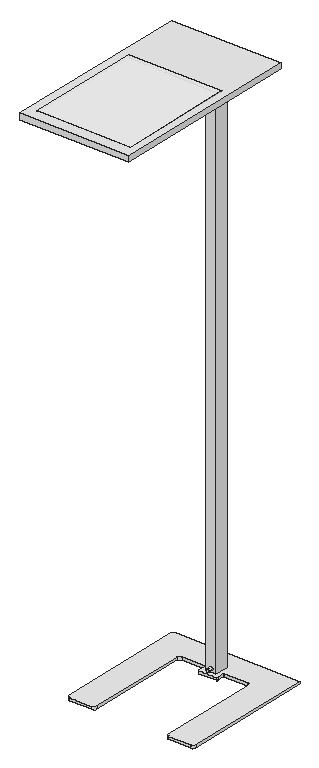
Revit family "0060801 Sylvania Lighting Fixture FREEOFFICE DIRECT INDIRECT 14KLM PIR WHITE UK", category Lighting Fixtures, host Face, Revit 2016
Family settings
  Host = Face
  Part Type = Normal
  Round Connector Dimension = Use Diameter
  OmniClass Number = 23.80.70.11.17
  OmniClass Title = Specialized Lighting by Location or Use
  Cut with Voids When Loaded = No
  Light Source = Yes
  Shared = No
  Room Calculation Point = No
Parameters (values of type "0060801 FREEOFFICE D/I 14 PIR WHITE UK")
  Weight = "22.8 kg"
  Wattage = 107 W
  WarrantyStartDate [instance] = "n/a"
  WarrantyGuarantorParts = "n/a"
  WarrantyDurationUnit = "n/a"
  WarrantyDurationParts = "n/a"
  WarrantyDescription = "n/a"
  built-in parameter 1150110 = 1 (stored number, unit not read)
  Voltage = 230 V
  TypeName = "FREEOFFICE DIRECT/INDIRECT 14KLM PIR WHITE UK"
  built-in parameter 1114217 = 1 (stored number, unit not read)
  Tilt Angle = -90°
  built-in parameter 1150109 = 1 (stored number, unit not read)
  built-in parameter 1150134 = 12
  built-in parameter 1150113 = 1 (stored number, unit not read)
  SerialNumber [instance] = "n/a"
  Radius_FEILO = 165.0 mm
  URL = "http://www.sylvania-lighting.com"
  PowerFactor = 0.98
  PowerConsumption = "107 W"
  Photometric Web File = "0060801.ies"
  PIR_SYL = yes
  NominalWidth = 0.0 mm
  NominalLength = 690.0 mm
  NominalHeight = 2030.0 mm
  Name = "FREEOFFICE DIRECT/INDIRECT 14KLM PIR WHITE UK"
  ModelReference = "FREEOFFICE DIRECT/INDIRECT 14KLM PIR WHITE UK"
  ModelNumber = "0060801"
  Material_3_SYL = Body-Sylvania-FreeOffice-BLK
  Material_2_SYL = Polycarbonate_Sylvania_Sylcircle_Opal
  Material_1_SYL = Body-Sylvania-FreeOffice-WH
  Material = "head and pole : powder coated aluminium. stand: powder coated steel housing, pmma diffuser"
  ManufacturerName = "Feilo Sylvania"
  LuminousEfficacy = "132 lm/W"
  built-in parameter 1150105 = 4275.8 (stored number, unit not read)
  Lumens = 14124 lm
  LuminaireType = ""
  built-in parameter 1150115 = 1 (stored number, unit not read)
  LightOutputRatio = "n/a"
  built-in parameter 1150137 = (empty or 0)
  built-in parameter 1150139 = (empty or 0)
  LampsType = Lamp  # "LED"
  LampNominalLuminous = "14100 lm"
  LampMacAdamStep = "3"
  LampColourTemperature = "4000 K"
  LampColourRenderingIndex = "80"
  built-in parameter 1150112 = 1 (stored number, unit not read)
  built-in parameter 1150114 = 1 (stored number, unit not read)
  Keynote = "16500"
  InstallationDate [instance] = "n/a"
  InputVoltage = "220-240V~"
  InputNominalFrequency = "50/60 Hz"
  built-in parameter 1150132 = (empty or 0)
  built-in parameter 1150102 = (empty or 0)
  built-in parameter 1150107 = 4000 (stored number, unit not read)
  built-in parameter 1150138 = (empty or 0)
  IngressProtection = "IP20"
  ImpactProtectionIndex = "IK02"
  built-in parameter 1150106 = 42.758 (stored number, unit not read)
  IfcExportType = "IfcLightFixtureType"
  IfcExportAs = "IfcLightFixtureType"
  Height_FEILO = 96.0 mm
  ExpectedLife = 50000
  Emit from Rectangle Width = 340.1 mm
  Emit from Rectangle Length = 564.6 mm
  Emit Shape Visible in Rendering = no
  ElectricShockClassification = "Class I"
  built-in parameter 1150104 = 12.263 (stored number, unit not read)
  DurationUnit = "hours"
  DocumentationLiterature = "http://www.sylvania-lighting.com/product/en-int/products/0060801"
  DimmingControlOptions = "Dimmable"
  Dimming Lamp Color Temperature Shift = <None>
  Diameter_FEILO = 2 * Radius_FEILO  # 330.0 mm
  CreatedOn = "12/5/2018"
  CreatedBy = "@sylvania-lighting.com"
  Color Filter = 16777215
  built-in parameter 1114216 [instance] = 1 (stored number, unit not read)
  Model = "FREEOFFICE DIRECT/INDIRECT 14KLM PIR WHITE UK"
  Manufacturer = "Feilo Sylvania"
  Lamp = "LED"
  Description = "FREEOFFICE DIRECT/INDIRECT 14KLM PIR WHITE UK is a highly efficient free-standing floor lamp providing optimal illumination for single and twin workstations. 80% uplight and 20% downlight ratio for ambient and task lighting from a single luminaire. Microprismatic PMMA optics for advanced glare control. White RAL9010 powder coated luminaire body. Aluminium head and pole for high-quality appearance, steel stand for higher stability. Luminaire dimensions: Head: 690x397x25mm, Stand: 480x460x16mm, Pole: 55x35x2030mm. Operated and dimmed with a push button located in the pole at a height suitable to be used with adjustable height desks. Equipped with presence and daylight sensor. Up and downlight dims together. 4000K Neutral White LED, CRI>80, chromaticity tolerance: SDCM<3. Luminous flux: 14100lm. Power consumption 107W. Luminaire efficacy: 132lm/W. Lumen maintenance: L80B50=55000h. UGR<16, Luminance at 65°<3000 cd/m2. IK02, IP20. Photobiological safety risk group 0. Electrical protection: Class I. Glow wire test: 650°C. Supplied with 3m cable with BS 1363 plug."
  Default Elevation = 0.0 mm
  built-in parameter 1140040 [instance] = 1
  BarCode [instance] = "n/a"
  built-in parameter 1114218 = 1 (stored number, unit not read)
  built-in parameter 1150133 = 10 (stored number, unit not read)
  AssetType = "Fixed"
  AssetIdentifier [instance] = "n/a"
  Assembly Code = "D5020200"
  Apparent Load = 107 VA
Reference planes
  plane 1 "Center (Front/Back)": y = 0
  plane 2: z = 0
  plane 3 "Center (Left/Right)": x = 0
  plane 4: z = 2030
  plane 5: x = 230
  plane 6: x = -230
  plane 7: x = 18
  plane 8: x = -18
  plane 9: x = -198.5
  plane 10: x = 198.5
  plane 11: y = 25
  plane 12: y = -25
  plane 13: y = -390.174
  plane 14: y = 89.826
  plane 15: y = -645
  plane 16: y = 44
  plane 17: z = 9
  plane 18: z = 2010
  plane 19: y = -187.327
  plane 20: y = -603.8
  plane 21: x = -170.03
  plane 22: x = 170.03
  plane 23: y = -39.174
  plane 24: z = 2020
  plane 25: x = 130
  plane 26: x = -130
  plane 27: y = -10.174
  plane 28: x = 34
  plane 29: x = -34
  plane 30: y = -39.174
  plane 31: y = -321.487
  plane 32: z = 21
  plane 33: y = -624.4
  plane 34: z = 2009
Forms (mm)
  Extrusion 1, solid, material "Body-Sylvania-FreeOffice-WH" <- "Material_1_SYL"
    sketch origin (-1380.213, -4572, 2010) x (-1, 0, 0) y (0, -1, 0)
      loop
        line (-1181.713, -3927) -> (-1578.713, -3927) -> (-1578.713, -4616) -> (-1181.713, -4616) -> (-1181.713, -3927)
    from 0 to 20
  Extrusion 2, void
    sketch origin (-1380.213, -4572, 2030) x (0, -1, 0) y (-1, 0, 0)
      loop
        line (-4384.673, -1210.183) -> (-4384.673, -1550.243) -> (-3968.2, -1550.243) -> (-3968.2, -1210.183) -> (-4384.673, -1210.183)
    from 0 to 20
  Extrusion 3, void
    sketch origin (-1380.213, -4572, 2010) x (0, -1, 0) y (-1, 0, 0)
      loop
        line (-3968.2, -1210.183) -> (-4532.826, -1210.183) -> (-4532.826, -1550.243) -> (-3968.2, -1550.243) -> (-3968.2, -1210.183)
    from 0 to -10
  Extrusion 4, solid, material "Body-Sylvania-FreeOffice-WH" <- "Material_1_SYL"
    sketch origin (0, 0, 0) x (1, 0, 0) y (0, 1, 0)
      loop
        line (-230, 79.826) -> (-230, -380.174)
        arc (-230, -380.174) -> (-227.071, -387.245) -> (-220, -390.174) r 10
        line (-220, -390.174) -> (-140, -390.174)
        arc (-140, -390.174) -> (-132.929, -387.245) -> (-130, -380.174) r 10
        line (-130, -380.174) -> (-130, -20.174)
        arc (-130, -20.174) -> (-127.071, -13.103) -> (-120, -10.174) r 10
        line (-120, -10.174) -> (-36, -10.174)
        arc (-36, -10.174) -> (-34.586, -10.76) -> (-34, -12.174) r 2
        line (-34, -12.174) -> (-34, -37.174)
        arc (-34, -37.174) -> (-33.414, -38.588) -> (-32, -39.174) r 2
        line (-32, -39.174) -> (32, -39.174)
        arc (32, -39.174) -> (33.414, -38.588) -> (34, -37.174) r 2
        line (34, -37.174) -> (34, -12.174)
        arc (34, -12.174) -> (34.586, -10.76) -> (36, -10.174) r 2
        line (36, -10.174) -> (120, -10.174)
        arc (120, -10.174) -> (127.071, -13.103) -> (130, -20.174) r 10
        line (130, -20.174) -> (130, -380.174)
        arc (130, -380.174) -> (132.929, -387.245) -> (140, -390.174) r 10
        line (140, -390.174) -> (220, -390.174)
        arc (220, -390.174) -> (227.071, -387.245) -> (230, -380.174) r 10
        line (230, -380.174) -> (230, 89.826) -> (-220, 89.826)
        arc (-220, 89.826) -> (-227.071, 86.897) -> (-230, 79.826) r 10
    from 0 to 9
  Extrusion 5, solid, material "Body-Sylvania-FreeOffice-WH" <- "Material_1_SYL"
    sketch origin (645.563, -4597, 9) x (0, -1, 0) y (-1, 0, 0)
      loop
        line (-4622, 663.563) -> (-4622, 627.563) -> (-4572, 627.563) -> (-4572, 663.563) -> (-4622, 663.563)
    from 0 to -2001
  Extrusion 6, solid, material "Body-Sylvania-FreeOffice-WH" <- "Material_1_SYL"
    sketch origin (747.1, -25, 1219.2) x (1, 0, 0) y (0, 0, 1)
      loop
        circle (-747.1, -1198.2) r 5
    from 0 to 14.174
  Extrusion 7, solid, material "Polycarbonate_Sylvania_Sylcircle_Opal" <- "Material_2_SYL"
    sketch origin (-1380.213, -4572, 2030) x (-1, 0, 0) y (0, -1, 0)
      loop
        line (-1550.243, -3968.2) -> (-1550.243, -4384.673) -> (-1210.183, -4384.673) -> (-1210.183, -3968.2) -> (-1550.243, -3968.2)
    from 0 to -10
  Extrusion 8, solid, material "Polycarbonate_Sylvania_Sylcircle_Opal" <- "Material_2_SYL"
    sketch origin (-1380.213, -4572, 2010) x (-1, 0, 0) y (0, -1, 0)
      loop
        line (-1210.183, -4532.826) -> (-1210.183, -3968.2) -> (-1550.243, -3968.2) -> (-1550.243, -4532.826) -> (-1210.183, -4532.826)
    from 0 to 10
  Revolve 9, solid, material "Body-Sylvania-FreeOffice-BLK" <- "Material_3_SYL", visible <- "PIR_SYL"
    sketch origin (747.1, -624.4, 1219.2) x (1, 0, 0) y (0, 0, 1)
      loop
        line (-757.1, 789.8) -> (-754.426, 789.8)
        arc (-754.426, 789.8) -> (-751.007, 787.781) -> (-747.1, 787.079) r 11.221
        line (-747.1, 787.079) -> (-747.1, 790.8) -> (-757.1, 790.8) -> (-757.1, 789.8)
      axis (-747.1, 790.8) -> (-747.1, 787.079)
    angle from 0 to 360
Cuts and joins
  Extrusion 2, Extrusion 3 cuts Extrusion 1
Lines and regions (mm)
  reference lines
    curve 1: circle (0, 0, 21) r 5 normal (0, -1, 0)
    curve 2: circle (0, -624.4, 2010) r 10 normal (0, 0, 1)
Dimensions and locks
  equal spacing: plane 12, plane 1 "Center (Front/Back)", plane 11
  locked: plane 12 to plane 11 at 50
  equal spacing: plane 8, plane 3 "Center (Left/Right)", plane 7
  plane 8 to plane 7 = 36.0 mm
  equal spacing: plane 9, plane 3 "Center (Left/Right)", plane 10
  plane 9 to plane 10 = 397.0 mm
  equal spacing: plane 6, plane 3 "Center (Left/Right)", plane 5
  locked: plane 6 to plane 5 at 460
  locked: plane 4 to plane 2 at 2030
  locked: plane 13 to plane 1 "Center (Front/Back)" at 390.174
  locked: plane 13 to plane 14 at 480
  locked: plane 15 to plane 1 "Center (Front/Back)" at 645
  locked: plane 15 to plane 16 at 689
  locked: plane 17 to plane 2 at 9
  locked: plane 4 to plane 18 at 20
  locked: plane 19 to plane 1 "Center (Front/Back)" at 187.327
  locked: plane 20 to plane 19 at 416.473
  equal spacing: plane 21, plane 3 "Center (Left/Right)", plane 22
  plane 21 to plane 22 = 340.059 mm
  locked: plane 20 to plane 23 at 564.626
  equal spacing: plane 4, plane 24, plane 18
  equal spacing: plane 26, plane 3 "Center (Left/Right)", plane 25
  locked: plane 26 to plane 25 at 260
  locked: plane 27 to plane 14 at 100
  equal spacing: plane 29, plane 3 "Center (Left/Right)", plane 28
  locked: plane 29 to plane 28 at 68
  locked: plane 30 to plane 27 at 29
  equal spacing: plane 20, plane 31, plane 23
  locked: plane 32 to host face at 21
  equal spacing: plane 15, plane 33, plane 20
  locked: Revolve 9 sketch curve to plane 18 at 7.5
  locked: plane 18 to plane 34 at 1
  radius of curve 2 = 10.0 mm
  aligned and locked: plane 2 to host face
  aligned and locked: level to host face
  aligned and locked: plane 15 to Extrusion 1 sketch curve
  aligned and locked: Extrusion 1 sketch curve to plane 9
  aligned and locked: Extrusion 1 sketch curve to plane 16
  aligned and locked: plane 10 to Extrusion 1 sketch curve
  aligned and locked: plane 4 to Extrusion 1
  aligned and locked: Extrusion 1 to plane 18
  aligned and locked: Extrusion 2 sketch curve to plane 19
  aligned and locked: plane 20 to Extrusion 2 sketch curve
  aligned and locked: Extrusion 2 to plane 18
  aligned and locked: plane 4 to Extrusion 2
  aligned and locked: plane 21 to Extrusion 2 sketch curve
  aligned and locked: plane 22 to Extrusion 2 sketch curve
  aligned and locked: Extrusion 3 sketch curve to cut or joined group of Extrusion 1, Extrusion 2, Extrusion 3  (x2)
  aligned and locked: plane 23 to Extrusion 3 sketch curve
  aligned and locked: plane 22 to Extrusion 3 sketch curve
  aligned and locked: Extrusion 3 to plane 18
  aligned and locked: plane 24 to Extrusion 3
  aligned and locked: Extrusion 4 sketch curve to plane 14
  aligned and locked: Extrusion 4 sketch curve to plane 6
  aligned and locked: plane 13 to Extrusion 4 sketch curve  (x2)
  aligned and locked: Extrusion 4 sketch curve to plane 26
  aligned and locked: Extrusion 4 sketch curve to plane 25
  aligned and locked: plane 5 to Extrusion 4 sketch curve
  aligned and locked: plane 29 to Extrusion 4 sketch curve
  aligned and locked: plane 30 to Extrusion 4 sketch curve
  aligned and locked: Extrusion 4 sketch curve to plane 28
  aligned and locked: Extrusion 4 sketch curve to plane 27
  aligned and locked: Extrusion 4 to plane 17
  aligned and locked: Extrusion 4 to level
  aligned and locked: Extrusion 5 sketch curve to plane 8
  aligned and locked: plane 7 to Extrusion 5 sketch curve
  aligned and locked: plane 18 to Extrusion 5
  aligned and locked: plane 11 to Extrusion 5 sketch curve
  aligned and locked: Extrusion 5 sketch curve to plane 12
  aligned and locked: plane 24 to imposter light
  aligned and locked: imposter light to plane 3 "Center (Left/Right)"
  aligned and locked: imposter light to plane 31
  aligned and locked: Extrusion 6 sketch curve to curve 1
  aligned and locked: Extrusion 6 to plane 12
  aligned and locked: Extrusion 6 to cut or joined group of Extrusion 1, Extrusion 2, Extrusion 3
  aligned and locked: Extrusion 7 sketch curve to cut or joined group of Extrusion 1, Extrusion 2, Extrusion 3  (x4)
  aligned and locked: Extrusion 7 to plane 4
  aligned and locked: Extrusion 7 to cut or joined group of Extrusion 1, Extrusion 2, Extrusion 3
  aligned and locked: Extrusion 8 sketch curve to cut or joined group of Extrusion 1, Extrusion 2, Extrusion 3  (x4)
  aligned and locked: Extrusion 8 to cut or joined group of Extrusion 1, Extrusion 2, Extrusion 3
  aligned and locked: Extrusion 8 to plane 18
  aligned and locked: plane 3 "Center (Left/Right)" to curve 2
  aligned and locked: plane 33 to curve 2
  aligned and locked: plane 3 "Center (Left/Right)" to Revolve 9 sketch curve  (x2)
  aligned and locked: Revolve 9 sketch curve to plane 3 "Center (Left/Right)"
  aligned and locked: Revolve 9 sketch curve to plane 34
Automatic sketch dimensions
  host sketch curve to host sketch curve = 1305.563 mm
  host sketch curve to host sketch curve = 1283.632 mm
  plane 27 to Extrusion 4 sketch curve = 0.0 mm
  plane 6 to Extrusion 4 sketch curve = 10.0 mm  (x2)
  Extrusion 4 sketch curve to plane 13 = 10.0 mm
  Extrusion 4 sketch curve to plane 26 = 10.0 mm
  Extrusion 4 sketch curve to Extrusion 4 sketch curve = 2.0 mm
  plane 29 to Extrusion 4 sketch curve = 2.0 mm
  Extrusion 4 sketch curve to plane 28 = 2.0 mm
  plane 28 to Extrusion 4 sketch curve = 2.0 mm
  Extrusion 4 sketch curve to plane 25 = 10.0 mm
  Extrusion 4 sketch curve to Extrusion 4 sketch curve = 10.0 mm
  Extrusion 4 sketch curve to plane 5 = 10.0 mm
  curve 1 to plane 3 "Center (Left/Right)" = 0.0 mm
  curve 1 to plane 32 = 0.0 mm
  Revolve 9 sketch curve to plane 18 = 0.0 mm
  Revolve 9 sketch curve to plane 3 "Center (Left/Right)" = 7.326 mm
  Revolve 9 sketch curve to Revolve 9 sketch curve = 2.674 mm
  Revolve 9 sketch curve to level = 94.652 mm
  plane 4 to Revolve 9 sketch curve = 432.257 mm
  radius of curve 1 = 5.0 mm
Connectors
  electrical at (0, -39.174, 21), driven by "PowerFactor", driven by "Voltage", driven by "Apparent Load", driven by "Apparent Load"
    settings: on Extrusion 6, index 1, voltage 230 V, apparent load 107 VA, apparent load phase1 107 VA, apparent load phase2 0 VA, apparent load phase3 0 VA, power factor 0.98, load classification "Other", number of poles 1, system type 30, power factor state 1, is connector primary yes, connector utility no, sub classification motor no, connector description ""
